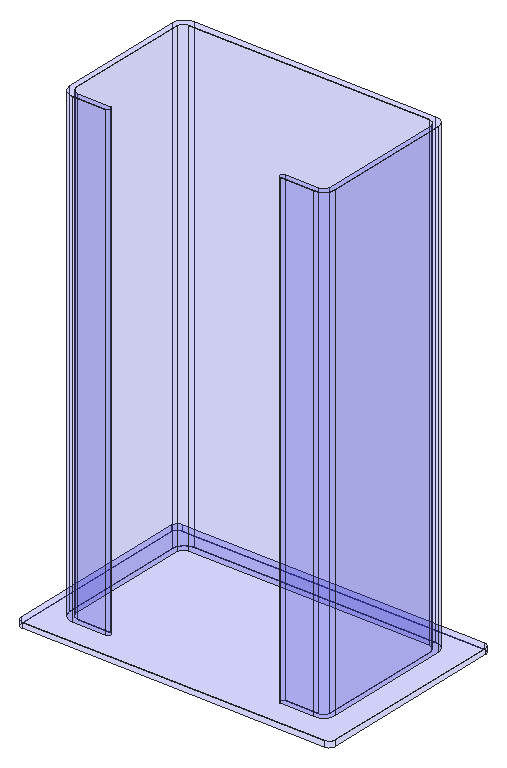
Revit family "QF_Vollrath_CSLV-1", category Specialty Equipment, Revit 2016
Family settings
  Part Type = Normal
  Round Connector Dimension = Use Diameter
  OmniClass Number = 23.40.40.14.24
  OmniClass Title = Food Dispensing Equipment
  Work Plane-Based = Yes
  Always vertical = Yes
  Cut with Voids When Loaded = No
  Shared = No
  Room Calculation Point = No
Parameters
  Weight in Pounds = 0
  Watermarked By = ""
  URL Cutsheet = ""
  URL = "www.vollrath.com"
  Specification by User [instance] = ""
  Specification by Manufacturer [instance] = ""
  Serial Number [instance] = ""
  Revision Code [instance] = ""
  NAFEM Spec ID Number [instance] = ""
  Model = "CSLV-1"
  Material = QF_Glass-Cast-Clear
  Masterspec [instance] = ""
  Manufacturer = "Vollrath"
  Item Number [instance] = "-"
  Installed By [instance] = ""
  Furnished By [instance] = ""
  Foodservice Equipment Identifier = yes
  Description = "Coffee Sleeve Dispenser"
  Default Elevation = 4' - 0"
  CSI MasterFormat = ""
Reference planes (in)
  plane 1 "BACK": y = 0
  plane 2 "BOTTOM": z = 0
  plane 3 "LEFT": x = -16.56573
  plane 4 "RIGHT": x = -10.06573
  plane 5 "FRONT": y = -4.125
  plane 6 "BASE TOP": z = 0.125
  plane 7: x = -16.06573
  plane 8: x = -10.56573
  plane 9: y = -0.5
  plane 10: y = -3.625
  plane 11: x = -15.06573
  plane 12: x = -11.56573
  plane 13: y = -0.625
  plane 14: x = -15.94073
  plane 15: x = -10.69073
  plane 16: y = -3.5
  plane 17 "TOP": z = 9.875
Forms (in)
  Extrusion 1, solid, material "QF_Glass-Cast-Clear" <- "Material"
    sketch origin (0, 0, 0) x (1, 0, 0) y (0, 1, 0)
      loop
        line (-16.44073, -4.125) -> (-10.19073, -4.125)
        arc (-10.19073, -4.125) -> (-10.10234, -4.08839) -> (-10.06573, -4) r 0.125
        line (-10.06573, -4) -> (-10.06573, -0.125)
        arc (-10.06573, -0.125) -> (-10.10234, -0.03661) -> (-10.19073, 0) r 0.125
        line (-10.19073, 0) -> (-16.44073, 0)
        arc (-16.44073, 0) -> (-16.52911, -0.03661) -> (-16.56573, -0.125) r 0.125
        line (-16.56573, -0.125) -> (-16.56573, -4)
        arc (-16.56573, -4) -> (-16.52911, -4.08839) -> (-16.44073, -4.125) r 0.125
    from 0 to 0.125
  Extrusion 2, solid, material "QF_Glass-Cast-Clear" <- "Material"
    sketch origin (0, 0, 9.875) x (0, 1, 0) y (-1, 0, 0)
      loop
        line (-3.5, 15.12721) -> (-3.5, 15.81573)
        arc (-3.5, 15.81573) -> (-3.46339, 15.90411) -> (-3.375, 15.94073) r 0.125
        line (-3.375, 15.94073) -> (-0.75, 15.94073)
        arc (-0.75, 15.94073) -> (-0.66161, 15.90411) -> (-0.625, 15.81573) r 0.125
        line (-0.625, 15.81573) -> (-0.625, 10.81573)
        arc (-0.625, 10.81573) -> (-0.66161, 10.72734) -> (-0.75, 10.69073) r 0.125
        line (-0.75, 10.69073) -> (-3.375, 10.69073)
        arc (-3.375, 10.69073) -> (-3.46339, 10.72734) -> (-3.5, 10.81573) r 0.125
        line (-3.5, 10.81573) -> (-3.5, 11.50386)
        arc (-3.5, 11.50386) -> (-3.5625, 11.56636) -> (-3.625, 11.50386) r 0.0625
        line (-3.625, 11.50386) -> (-3.625, 10.81573)
        arc (-3.625, 10.81573) -> (-3.55178, 10.63895) -> (-3.375, 10.56573) r 0.25
        line (-3.375, 10.56573) -> (-0.72513, 10.56573)
        arc (-0.72513, 10.56573) -> (-0.54835, 10.63895) -> (-0.47513, 10.81573) r 0.25
        line (-0.47513, 10.81573) -> (-0.47513, 15.81573)
        arc (-0.47513, 15.81573) -> (-0.54835, 15.9925) -> (-0.72513, 16.06573) r 0.25
        line (-0.72513, 16.06573) -> (-3.375, 16.06573)
        arc (-3.375, 16.06573) -> (-3.55178, 15.9925) -> (-3.625, 15.81573) r 0.25
        line (-3.625, 15.81573) -> (-3.625, 15.12721)
        arc (-3.625, 15.12721) -> (-3.5625, 15.06471) -> (-3.5, 15.12721) r 0.0625
    from 0 to -9.75
Lines and regions (in)
  symbolic lines
    curve 1: arc (-15.94073, -0.75, 9.875) -> (-15.90411, -0.66161, 9.875) -> (-15.81573, -0.625, 9.875) r 0.125
    curve 2: arc (-15.81573, -0.47513, 9.875) -> (-15.9925, -0.54835, 9.875) -> (-16.06573, -0.72513, 9.875) r 0.25
    curve 3: arc (-15.81573, -3.5, 9.875) -> (-15.90411, -3.46339, 9.875) -> (-15.94073, -3.375, 9.875) r 0.125
    curve 4: arc (-16.06573, -3.375, 9.875) -> (-15.9925, -3.55178, 9.875) -> (-15.81573, -3.625, 9.875) r 0.25
    curve 5: line (-15.94073, -3.375, 9.875) -> (-15.94073, -0.75, 9.875)
    curve 6: line (-16.06573, -0.72513, 9.875) -> (-16.06573, -3.375, 9.875)
    curve 7: line (-15.12721, -3.5, 9.875) -> (-15.81573, -3.5, 9.875)
    curve 8: line (-15.81573, -3.625, 9.875) -> (-15.12721, -3.625, 9.875)
    curve 9: arc (-15.12721, -3.625, 9.875) -> (-15.06471, -3.5625, 9.875) -> (-15.12721, -3.5, 9.875) r 0.0625
    curve 10: line (-15.81573, -0.625, 9.875) -> (-10.81573, -0.625, 9.875)
    curve 11: line (-10.81573, -0.47513, 9.875) -> (-15.81573, -0.47513, 9.875)
    curve 12: arc (-10.81573, -0.625, 9.875) -> (-10.72734, -0.66161, 9.875) -> (-10.69073, -0.75, 9.875) r 0.125
    curve 13: arc (-10.56573, -0.72513, 9.875) -> (-10.63895, -0.54835, 9.875) -> (-10.81573, -0.47513, 9.875) r 0.25
    curve 14: line (-10.56573, -3.375, 9.875) -> (-10.56573, -0.72513, 9.875)
    curve 15: line (-10.69073, -0.75, 9.875) -> (-10.69073, -3.375, 9.875)
    curve 16: arc (-10.69073, -3.375, 9.875) -> (-10.72734, -3.46339, 9.875) -> (-10.81573, -3.5, 9.875) r 0.125
    curve 17: arc (-10.81573, -3.625, 9.875) -> (-10.63895, -3.55178, 9.875) -> (-10.56573, -3.375, 9.875) r 0.25
    curve 18: line (-11.50386, -3.625, 9.875) -> (-10.81573, -3.625, 9.875)
    curve 19: line (-10.81573, -3.5, 9.875) -> (-11.50386, -3.5, 9.875)
    curve 20: arc (-11.50386, -3.5, 9.875) -> (-11.56636, -3.5625, 9.875) -> (-11.50386, -3.625, 9.875) r 0.0625
    curve 21: line (-16.44073, -4.125, 9.875) -> (-10.19073, -4.125, 9.875)
    curve 22: line (-10.06573, -4, 9.875) -> (-10.06573, -0.125, 9.875)
    curve 23: arc (-10.06573, -0.125, 9.875) -> (-10.10234, -0.03661, 9.875) -> (-10.19073, 0, 9.875) r 0.125
    curve 24: line (-10.19073, 0, 9.875) -> (-16.44073, 0, 9.875)
    curve 25: arc (-16.44073, 0, 9.875) -> (-16.52911, -0.03661, 9.875) -> (-16.56573, -0.125, 9.875) r 0.125
    curve 26: line (-16.56573, -0.125, 9.875) -> (-16.56573, -4, 9.875)
    curve 27: arc (-16.56573, -4, 9.875) -> (-16.52911, -4.08839, 9.875) -> (-16.44073, -4.125, 9.875) r 0.125
    curve 28: line (-16.44073, -4.125, 9.875) -> (-10.19073, -4.125, 9.875)
    curve 29: arc (-10.19073, -4.125, 9.875) -> (-10.10234, -4.08839, 9.875) -> (-10.06573, -4, 9.875) r 0.125
Dimensions and locks (in)
  locked: plane 3 "LEFT" to plane 4 "RIGHT" at 6.5
  locked: plane 5 "FRONT" to plane 1 "BACK" at 4.125
  locked: plane 6 "BASE TOP" to level at 0.125
  locked: plane 3 "LEFT" to plane 7 at 0.5  (x2)
  locked: plane 8 to plane 4 "RIGHT" at 0.5
  locked: plane 10 to plane 5 "FRONT" at 0.5
  locked: plane 1 "BACK" to plane 9 at 0.5
  locked: plane 9 to plane 13 at 0.125
  locked: plane 15 to plane 8 at 0.125
  locked: plane 16 to plane 10 at 0.125
  locked: plane 7 to plane 14 at 0.125
  locked: plane 3 "LEFT" to plane 11 at 1.5
  locked: plane 12 to plane 4 "RIGHT" at 1.5
  locked: plane 17 "TOP" to plane 6 "BASE TOP" at 9.75
  aligned and locked: level to plane 2 "BOTTOM"
  aligned and locked: Extrusion 1 sketch curve to plane 5 "FRONT"
  aligned and locked: Extrusion 1 sketch curve to plane 3 "LEFT"
  aligned and locked: Extrusion 1 sketch curve to plane 1 "BACK"
  aligned and locked: plane 4 "RIGHT" to Extrusion 1 sketch curve
  aligned and locked: plane 6 "BASE TOP" to Extrusion 1
  aligned and locked: Extrusion 2 to plane 6 "BASE TOP"
